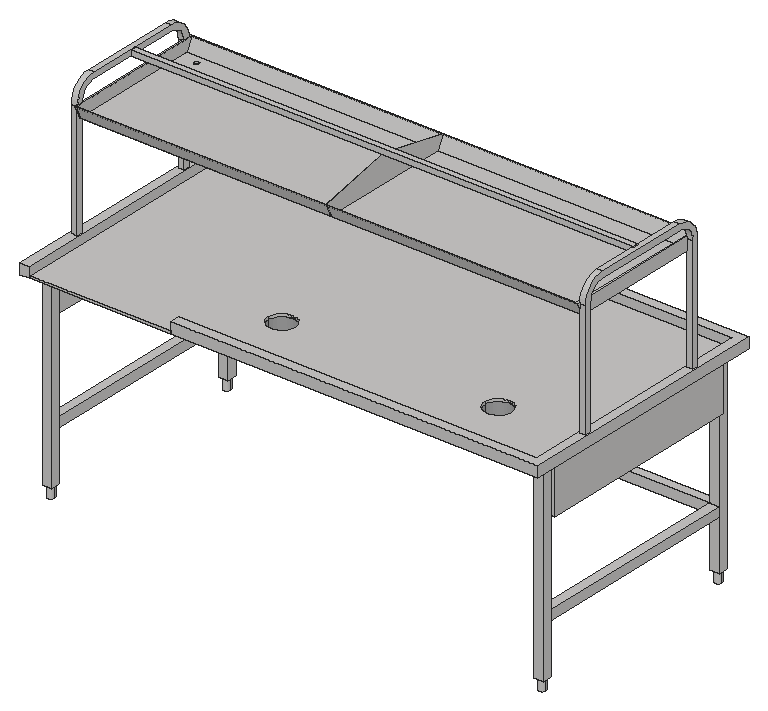
Revit family "QF_ZANUSSI_865344_BHST2211R", category Attrezzature speciali, Revit 2020
Family settings
  Quota connettore circolare = Usa diametro
  Tipo di parte = Normale
  Basato su piano di lavoro = No
  Sempre verticale = Sì
  Taglio con vuoti quando caricato = No
  Condiviso = No
  Punto di calcolo locali = No
Parameters (values of type "Standard")
  Weight = 19.00 kg
  Watts = 0 W
  Volts = 0 V
  URL Manufacturer = "http://www.zanussiprofessional.com"
  URL = "http://www.zanussiprofessional.com"
  Steam Supply Size = 0 mm
  Steam Supply Minimum Pressure = 0.0 Pa
  Steam Supply Maximum Pressure = 0.0 Pa
  Steam Consumption per Hour = 0
  Refrigeration Suction Line Size = 0 mm
  Refrigeration Liquid Line Size = 0 mm
  Refrigerant Compressor Remote = yes
  Prospetto di default = 0 mm
  Produttore = "Zanussi"
  Phase = 0
  Modello = "BHST2211R"
  Length Actual = 2200 mm  # constant formula
  Item Number = "865344"
  Hot Water Size = 0 mm
  Height Actual = 1551 mm  # constant formula
  HP = "0 HP"
  Gas Size = 0 mm
  Gas KW = 0
  Gas Input Pressure = 0 W
  Direct Waste Size = 0 mm
  Description = "SORTING TABLE, RIGHT>LEFT, 2200X1100 MM "
  Depth Actual = 1100 mm  # constant formula
  Cycle = 0 Hz
  Condensate Return Size = 0 mm
  Compressed Air Volume = 0.0 L/s
  Compressed Air Size = 0 mm
  Compressed Air Pressure = 0.0 Pa
  Cold Water Size = 0 mm
  Accessory = yes
Reference planes
  plane 1 "Centro (Fronte/Retro)": y = 0
  plane 2: z = 0
  plane 3 "Centro (Sinistra/Destra)": x = 0
  plane 4: x = 1100
  plane 5: z = 1492
  plane 6: x = 20
  plane 7: y = -557.5
  plane 8: x = 56
  plane 9: x = 944
  plane 10: x = 2200
  plane 11: x = 1644
  plane 12: y = -1115
  plane 13: y = -88
  plane 14: y = -1023
  plane 15: x = 2144
Forms (mm)
  Extrusion 1, solid, material "QF_Finishes_Stainless Steel"
    sketch origin (0, 0, 865) x (1, 0, 0) y (0, 1, 0)
      loop
        line (40, -1115) -> (640, -1115) -> (640, -1075) -> (2160, -1075) -> (2160, -40) -> (40, -40) -> (40, -1115)
    from 0 to 10
  Extrusion 2, solid, material "QF_Finishes_Stainless Steel"
    sketch origin (0, 0, 865) x (1, 0, 0) y (0, 1, 0)
      loop
        line (0, 0) -> (0, -1115) -> (40, -1115) -> (40, -40) -> (2160, -40) -> (2160, -1075) -> (640, -1075) -> (640, -1115) -> (2200, -1115) -> (2200, 0) -> (0, 0)
    from 0 to 45
  Extrusion 3, solid, material "QF_Finishes_Stainless Steel"
    sketch origin (36, -178, 0) x (0, 1, 0) y (0, 0, 1)
      loop
        line (70, 299.579) -> (-825, 299.579) -> (-825, 259.579) -> (70, 259.579) -> (70, 299.579)
    from 0 to 40
  Sweep 4, solid, material "QF_Finishes_Stainless Steel"
    path origin (0, -178, -12) x (0, 1, 0) y (0, 0, 1)
      loop
        line (-95, 922) -> (-95, 1412)
        arc (-95, 1412) -> (-118.431, 1468.569) -> (-175, 1492) r 80
        line (-175, 1492) -> (-584, 1492)
        arc (-584, 1492) -> (-640.569, 1468.569) -> (-664, 1412) r 80
        line (-664, 1412) -> (-664, 922)
    profile origin (0, -273, 1155) x (0, -1, 0) y (1, 0, 0)
      loop
        line (-12, 8) -> (12, 8) -> (12, 32) -> (-12, 32) -> (-12, 8)
  Extrusion 5, solid, material "QF_Finishes_Stainless Steel"
    sketch origin (0, -178, 0) x (0, 1, 0) y (0, 0, 1)
      loop
        line (70, 865) -> (-825, 865) -> (-825, 660) -> (70, 660) -> (70, 865)
    from 20 to 36
  Extrusion 6, solid, material "QF_Finishes_Stainless Steel"
    sketch origin (-964, -68, 0) x (1, 0, 0) y (0, 1, 0)
      loop
        line (1000, 0) -> (1000, -40) -> (1040, -40) -> (1040, 0) -> (1000, 0)
    from 45 to 865
  Extrusion 7, solid, material "QF_Finishes_Stainless Steel"
    sketch origin (-964, -68, 0) x (1, 0, 0) y (0, 1, 0)
      loop
        circle (1020, -20) r 15
    from 0 to 45
  Extrusion 8, solid, material "QF_Finishes_Stainless Steel"
    sketch origin (-964, -1003, 0) x (1, 0, 0) y (0, 1, 0)
      loop
        line (1000, 0) -> (1000, -40) -> (1040, -40) -> (1040, 0) -> (1000, 0)
    from 45 to 865
  Extrusion 9, solid, material "QF_Finishes_Stainless Steel"
    sketch origin (-964, -1003, 0) x (1, 0, 0) y (0, 1, 0)
      loop
        circle (1020, -20) r 15
    from 0 to 45
  Extrusion 10, solid, material "QF_Finishes_Stainless Steel"
    sketch origin (0, -28, 0) x (1, 0, 0) y (0, 0, 1)
      loop
        line (76, 259.624) -> (2124, 259.624) -> (2124, 299.579) -> (76, 299.579) -> (76, 259.624)
    from 40 to 80
  Extrusion 11, solid, material "QF_Finishes_Stainless Steel"
    sketch origin (2200, -178, 0) x (0, 1, 0) y (0, 0, -1)
      loop
        line (70, -865) -> (70, -660) -> (-825, -660) -> (-825, -865) -> (70, -865)
    from 20 to 36
  Extrusion 12, solid, material "QF_Finishes_Stainless Steel"
    sketch origin (3164, -68, 0) x (-1, 0, 0) y (0, -1, 0)
      loop
        line (1000, 0) -> (1040, 0) -> (1040, 40) -> (1000, 40) -> (1000, 0)
    from 45 to 865
  Extrusion 13, solid, material "QF_Finishes_Stainless Steel"
    sketch origin (3164, -68, 0) x (-1, 0, 0) y (0, -1, 0)
      loop
        circle (1020, 20) r 15
    from 0 to 45
  Extrusion 14, solid, material "QF_Finishes_Stainless Steel"
    sketch origin (3164, -1003, 0) x (-1, 0, 0) y (0, -1, 0)
      loop
        line (1000, 0) -> (1040, 0) -> (1040, 40) -> (1000, 40) -> (1000, 0)
    from 45 to 865
  Extrusion 15, solid, material "QF_Finishes_Stainless Steel"
    sketch origin (3164, -1003, 0) x (-1, 0, 0) y (0, -1, 0)
      loop
        circle (1020, 20) r 15
    from 0 to 45
  Extrusion 16, solid, material "QF_Finishes_Stainless Steel"
    sketch origin (0, -178, -12) x (0, 1, 0) y (0, 0, 1)
      loop
        line (-367.5, 1504) -> (-391.5, 1504) -> (-391.5, 1480) -> (-367.5, 1480) -> (-367.5, 1504)
    from 32 to 2168
  Extrusion 17, void
    sketch origin (0, -178, -12) x (1, 0, 0) y (0, 1, 0)
      loop
        circle (108.268, -136.161) r 12
    from 1301.755 to 1377.519
  Extrusion 18, solid, material "QF_Finishes_Stainless Steel"
    sketch origin (0, -178, -12) x (1, 0, 0) y (0, 1, 0)
      loop
        circle (108.21, -136.146) r 13
    from 1316.037 to 1362.532
  Extrusion 19, void
    sketch origin (0, -178, -12) x (1, 0, 0) y (0, 1, 0)
      loop
        circle (108.268, -136.161) r 10
    from 1301.755 to 1377.519
  Sweep 20, solid, material "QF_Finishes_Stainless Steel"
    path origin (2200, -178, -12) x (0, 1, 0) y (0, 0, -1)
      loop
        line (-95, -922) -> (-95, -1412)
        arc (-95, -1412) -> (-118.431, -1468.569) -> (-175, -1492) r 80
        line (-175, -1492) -> (-584, -1492)
        arc (-584, -1492) -> (-640.569, -1468.569) -> (-664, -1412) r 80
        line (-664, -1412) -> (-664, -922)
    profile origin (2200, -273, 1155) x (0, 1, 0) y (-1, 0, 0)
      loop
        line (12, 8) -> (12, 32) -> (-12, 32) -> (-12, 8) -> (12, 8)
  Extrusion 21, void
    sketch origin (1200, -349.25, 0) x (1, 0, 0) y (0, 1, 0)
      loop
        circle (610, -490) r 58
    from 674.596 to 947.421
  Extrusion 22, void
    sketch origin (280, -349.25, 0) x (1, 0, 0) y (0, 1, 0)
      loop
        circle (610, -490) r 58
    from 674.596 to 947.421
  Extrusion 23, solid, material "QF_Finishes_Stainless Steel"
    sketch origin (1, -178, 0) x (0, 1, 0) y (0, 0, 1)
      loop
        line (-367.5, 1468) -> (-391.5, 1468) -> (-687.809, 1406.976) -> (-663.034, 1353.844) -> (-95.966, 1353.844) -> (-71.191, 1406.976) -> (-367.5, 1468)
    from 1098 to 1100
  Extrusion 24, void
    sketch origin (32, -178, -6.687) x (0, 1, 0) y (0, 0, 1)
      loop
        line (-56.629, 1444.891) -> (-702.371, 1444.891) -> (-663.034, 1360.532) -> (-95.966, 1360.532) -> (-56.629, 1444.891)
    from 3.287 to 2130
  Extrusion 25, solid, material "QF_Finishes_Stainless Steel"
    sketch origin (32, -178, -12) x (0, 1, 0) y (0, 0, 1)
      loop
        line (-70.92, 1418.976) -> (-688.08, 1418.976) -> (-661.76, 1362.532) -> (-97.24, 1362.532) -> (-70.92, 1418.976)
    from 0 to 2136
  Extrusion 26, solid, material "QF_Finishes_Stainless Steel"
    sketch origin (2164, -178, 0) x (0, 1, 0) y (0, 0, -1)
      loop
        line (70, -299.579) -> (70, -259.579) -> (-825, -259.579) -> (-825, -299.579) -> (70, -299.579)
    from 0 to 40
Cuts and joins
  Extrusion 17 cuts Extrusion 18
  Extrusion 21, Extrusion 22 cuts Extrusion 1
  Extrusion 19, Extrusion 24 cuts Extrusion 25
Dimensions and locks
  plane 5 to level = 1492 mm  (x2)
  Extrusion 2 to plane 10 = 2200 mm
  plane 10 to plane 3 "Centro (Sinistra/Destra)" = 2200 mm
  Extrusion 2 to Extrusion 2 = 1115 mm
  plane 1 "Centro (Fronte/Retro)" to plane 12 = 1115 mm
  Extrusion 6 to Extrusion 8 = 895 mm
  plane 13 to plane 14 = 935 mm
  Extrusion 10 to Extrusion 10 = 39.955 mm
  plane 15 to plane 8 = 2088 mm
  Sweep 4 to Sweep 4 = 545 mm
  aligned and locked: level to plane 2
  aligned and locked: Extrusion 7 to Extrusion 6
  aligned and locked: Extrusion 9 to Extrusion 8
  aligned and locked: Extrusion 12 to Extrusion 13
  aligned and locked: Extrusion 14 to Extrusion 15
Nested families
  nested 1: "FORO_IMMONDIZIE - 200" at (1810, -839, 863.471), type "FORO_IMMONDIZIE - 200"
  nested 2: "FORO_IMMONDIZIE - 200" at (890, -839, 863.471), type "FORO_IMMONDIZIE - 200"
Definition of nested family "FORO_IMMONDIZIE - 200"
  Parameters (values of type "FORO_IMMONDIZIE - 200")
    Default Elevation = 1219.2 mm
  Reference planes
    plane 1 "Centro (Fronte/Retro)": y = 0
    plane 2: z = 0
    plane 3 "Centro (Sinistra/Destra)": x = 0
    plane 4: z = -110
  Forms (mm)
    Extrusion 1, solid, not visible
      sketch origin (0, 0, 0) x (1, 0, 0) y (0, 1, 0)
        loop
          line (-1219.2, 1219.2) -> (-1219.2, -1219.2) -> (1219.2, -1219.2) -> (1219.2, 1219.2) -> (-1219.2, 1219.2)
      from 0 to -304.8
    Extrusion 2, solid
      sketch origin (0, 0, 0) x (1, 0, 0) y (0, 1, 0)
        loop
          circle (0, 0) r 60
        loop
          circle (0, 0) r 90
      from -110 to 1.529
  Dimensions and locks
    aligned and locked: plane 2 to Extrusion 1
    aligned and locked: level to Extrusion 1
